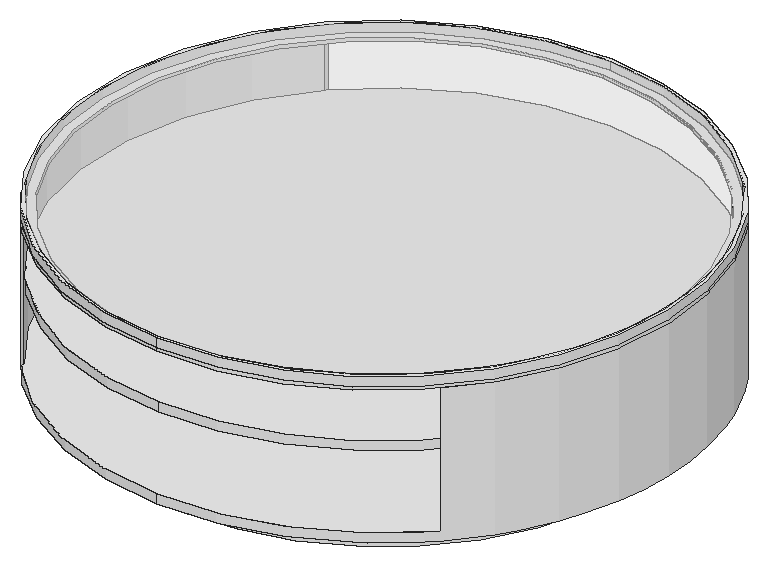
Revit family
Parameters (values of type "48"")
  Width = 4' - 0"
  URL = "http://elanbydecca.com/"
  Top [instance] = Furniture - DECCA (Elan) - Museum - Top
  RW-3 = Width / 2 - 0' 3"  # 1' - 9"
  RW-1/4 = Width / 2 - 0' 0 1/4"  # 1' - 11 3/4"
  RW-1 = Width / 2 - 0' 1"  # 1' - 11"
  RW = Width / 2  # 2' - 0"
  Frame [instance] = Furniture - DECCA (Elan) - Museum - Frame
  Drawer/Shelf [instance] = Furniture - DECCA (Elan) - Museum - Drawer/Shelf
  Drawer = no
  Base [instance] = Furniture - DECCA (Elan) - Museum - Base
  Product URL = "http://elanbydecca.com/PDFs/elan_tearsheet-museum.pdf"
  Model = "DG CT177"
  Manufacturer = "Decca Contract"
  Height = 1' - 2 1/2"  # constant formula
  Description = "Museum, Table"
  Depth = Width  # 4' - 0"
  Assembly Description = "Furniture & Accessories"
  Assembly Code = "E2020200"
Types (7): name | Width | RW-3 | RW-1/4 | RW-1 | RW | Drawer | Model | Depth
  (no name) | 4' - 0" | 1' - 9" | 1' - 11 3/4" | 1' - 11" | 2' - 0" | no | "DG CT177" | 4' - 0"
  36" w/Drawers | 3' - 0" | 1' - 3" | 1' - 5 3/4" | 1' - 5" | 1' - 6" | yes | "DG CT170" | 3' - 0"
  42" w/Drawers | 3' - 6" | 1' - 6" | 1' - 8 3/4" | 1' - 8" | 1' - 9" | yes | "DG CT171" | 3' - 6"
  48" w/Drawers | 4' - 0" | 1' - 9" | 1' - 11 3/4" | 1' - 11" | 2' - 0" | yes | "DG CT172" | 4' - 0"
  36" | 3' - 0" | 1' - 3" | 1' - 5 3/4" | 1' - 5" | 1' - 6" | no | "DG CT175" | 3' - 0"
  42" | 3' - 6" | 1' - 6" | 1' - 8 3/4" | 1' - 8" | 1' - 9" | no | "DG CT176" | 3' - 6"
  48" | 4' - 0" | 1' - 9" | 1' - 11 3/4" | 1' - 11" | 2' - 0" | no | "DG CT177" | 4' - 0"
Reference planes (in)
  plane 1 "Center Front/Back": y = -0.7524
  plane 2: z = 0
  plane 3 "Center Left/Right": x = 0
  plane 4 "L": x = -24
  plane 5 "R": x = 24
  plane 6 "F": y = -24.7524
  plane 7: y = 23.2476
  plane 8: through (-6.25338, 2.33237, 23.38953) normal (0.4297, -0.4297, 0.7941)
  plane 9: z = 14.5
  plane 10: x = -23.75
  plane 11: x = 23.75
  plane 12: y = 22.9976
  plane 13: y = -24.5024
  plane 14: y = -21.7525
  plane 15: y = 20.2477
  plane 16: x = -21
  plane 17: x = 21
  plane 18: z = 13.75
  plane 19: z = 13.5
  plane 20: z = 2
  plane 21: z = 2.75
  plane 22: z = 8.79026
  plane 23: z = 9.54026
  plane 24: y = 22.2476
  plane 25: y = -23.7524
  plane 26: y = 22.4976
  plane 27: y = -24.0024
  plane 28: x = -17.70013
  plane 29: x = 17.70013
Forms (in)
  Extrusion 1, solid, material "Furniture - DECCA (Elan) - Museum - Frame" <- "Frame"
    sketch origin (0, 0, 8.32075) x (0, -1, 0) y (1, 0, 0)
      loop
        circle (0.7524, 0) r 24
      loop
        circle (0.7524, 0) r 23.75
    from -6.32075 to 6.17925
  Extrusion 2, solid, material "Furniture - DECCA (Elan) - Museum - Frame" <- "Frame"
    sketch origin (0, 0, 8.32075) x (0, -1, 0) y (1, 0, 0)
      loop
        circle (0.7524, 0) r 24
      loop
        circle (0.7524, 0) r 23
    from 5.17925 to 5.42925
  Extrusion 3, solid, material "Furniture - DECCA (Elan) - Museum - Base" <- "Base"
    sketch origin (0, 0, 8.32075) x (0, -1, 0) y (1, 0, 0)
      loop
        circle (0.7524, 0) r 21
    from -8.32075 to -6.32075
  Extrusion 4, void
    sketch origin (0, -16.42176, 0) x (1, 0, 0) y (0, 0, -1)
      loop
        line (-17.70013, -13.5) -> (17.70013, -13.5) -> (17.70013, -2.75) -> (-17.70013, -2.75) -> (-17.70013, -13.5)
    from -8.33064 to 39.66936
  Extrusion 5, solid, material "Furniture - DECCA (Elan) - Museum - Frame" <- "Frame"
    sketch origin (0, 0, 8.32075) x (0, -1, 0) y (1, 0, 0)
      loop
        circle (0.7524, 0) r 23.75
    from -6.32075 to -5.57075
  Extrusion 6, solid, material "Furniture - DECCA (Elan) - Museum - Drawer/Shelf" <- "Drawer/Shelf"
    sketch origin (0, 0, 15.11101) x (0, -1, 0) y (1, 0, 0)
      loop
        circle (0.7524, 0) r 23.75
    from -6.32075 to -5.57075
  Extrusion 7, solid, material "Furniture - DECCA (Elan) - Museum - Top" <- "Top"
    sketch origin (0, 0, 20.07075) x (0, -1, 0) y (1, 0, 0)
      loop
        circle (0.7524, 0) r 23.75
    from -6.32075 to -5.57075
  Extrusion 8, solid, material "Furniture - DECCA (Elan) - Museum - Drawer/Shelf" <- "Drawer/Shelf", visible <- "Drawer"
    sketch origin (0, 0, 8.32075) x (0, -1, 0) y (1, 0, 0)
      loop
        arc (16.60847, 17.70013) -> (24.51602, 0) -> (16.60847, -17.70013) r 23.76362
        line (16.60847, -17.70013) -> (16.96059, -17.70013)
        arc (16.96059, -17.70013) -> (24.7524, 0) -> (16.96059, 17.70013) r 24
        line (16.96059, 17.70013) -> (16.60847, 17.70013)
      loop
        line (-15.45579, -17.70013) -> (-15.10367, -17.70013)
        arc (-15.10367, -17.70013) -> (-23.01122, 0) -> (-15.10367, 17.70013) r 23.76362
        line (-15.10367, 17.70013) -> (-15.45579, 17.70013)
        arc (-15.45579, 17.70013) -> (-23.2476, 0) -> (-15.45579, -17.70013) r 24
    from -6.32075 to 1.21951
Cuts and joins
  Extrusion 4 cuts Extrusion 1
  Extrusion 4 cuts Extrusion 2
  joined: Extrusion 1, Extrusion 2, Extrusion 5
Dimensions and locks (in)
  equal spacing: plane 4 "L", plane 3 "Center Left/Right", plane 5 "R"
  equal spacing: plane 7, plane 1 "Center Front/Back", plane 6 "F"
  "Width": plane 4 "L" to plane 5 "R"
  "Depth": plane 7 to plane 6 "F"
  "Height": plane 9 to level
  locked: plane 4 "L" to plane 10 at 0.25
  locked: plane 7 to plane 12 at 0.25
  locked: plane 11 to plane 5 "R" at 0.25
  locked: plane 13 to plane 6 "F" at 0.25
  locked: plane 4 "L" to plane 16 at 3
  locked: plane 17 to plane 5 "R" at 3
  locked: plane 15 to plane 7 at 2.9999
  locked: plane 14 to plane 6 "F" at 2.9999
  plane 23 to plane 22 to plane 21 to plane 20 to level = 0' - 0 3/4" locked, 0' - 6.04026" locked, 0' - 0 3/4" locked, 0' - 2" locked
  plane 9 to plane 18 to plane 19 = 0' - 0 3/4" locked, 0' - 0 1/4" locked
  locked: plane 6 "F" to plane 25 at 1
  locked: plane 7 to plane 24 at 1
  locked: plane 7 to plane 26 at 0.75
  locked: plane 27 to plane 6 "F" at 0.75
  locked: plane 4 "L" to plane 28 at 6.29987
  locked: plane 29 to plane 5 "R" at 6.29987
  "RW": radius of Extrusion 1 sketch curve
  "RW": radius of Extrusion 2 sketch curve
  "RW-3": radius of Extrusion 3 sketch curve
  "RW-1/4": radius of Extrusion 5 sketch curve
  "RW-1/4": radius of Extrusion 6 sketch curve
  "RW-1/4": radius of Extrusion 7 sketch curve
  "RW": radius of Extrusion 8 sketch curve  (x2)
  "RW-1/4": radius of Extrusion 1 sketch curve
  "RW-1": radius of Extrusion 2 sketch curve
  aligned and locked: Extrusion 1 to plane 20
  aligned and locked: plane 9 to Extrusion 1
  aligned and locked: plane 18 to Extrusion 2
  aligned and locked: Extrusion 2 to plane 19
  aligned and locked: Extrusion 3 to level
  aligned and locked: plane 20 to Extrusion 3
  aligned and locked: plane 28 to Extrusion 4 sketch curve
  aligned and locked: plane 19 to Extrusion 4 sketch curve
  aligned and locked: Extrusion 4 sketch curve to plane 29
  aligned and locked: Extrusion 4 to plane 6 "F"
  aligned and locked: plane 7 to Extrusion 4
  aligned and locked: plane 21 to Extrusion 4 sketch curve
  aligned and locked: Extrusion 5 to plane 20
  aligned and locked: plane 21 to Extrusion 5
  aligned and locked: plane 23 to Extrusion 6
  aligned and locked: Extrusion 6 to plane 22
  aligned and locked: plane 9 to Extrusion 7
  aligned and locked: Extrusion 7 to plane 18
  aligned and locked: Extrusion 8 sketch curve to plane 29  (x2)
  aligned and locked: Extrusion 8 sketch curve to plane 28
  aligned and locked: Extrusion 8 to plane 20
  aligned and locked: plane 23 to Extrusion 8
Automatic sketch dimensions
  Extrusion 1 sketch curve to Extrusion 1 sketch curve = 0' - 0"  (x2)
  plane 1 "Center Front/Back" to Extrusion 1 sketch curve = 0' - 0"
  Extrusion 1 sketch curve to plane 3 "Center Left/Right" = 0' - 0"
  Extrusion 2 sketch curve to Extrusion 2 sketch curve = 0' - 0"  (x2)
  plane 1 "Center Front/Back" to Extrusion 2 sketch curve = 0' - 0"
  Extrusion 2 sketch curve to plane 3 "Center Left/Right" = 0' - 0"
  plane 1 "Center Front/Back" to Extrusion 3 sketch curve = 0' - 0"
  Extrusion 3 sketch curve to plane 3 "Center Left/Right" = 0' - 0"
  plane 1 "Center Front/Back" to Extrusion 5 sketch curve = 0' - 0"
  Extrusion 5 sketch curve to plane 3 "Center Left/Right" = 0' - 0"
  plane 1 "Center Front/Back" to Extrusion 6 sketch curve = 0' - 0"
  Extrusion 6 sketch curve to plane 3 "Center Left/Right" = 0' - 0"
  plane 1 "Center Front/Back" to Extrusion 7 sketch curve = 0' - 0"
  Extrusion 7 sketch curve to plane 3 "Center Left/Right" = 0' - 0"
  Extrusion 8 sketch curve to plane 28 = 0' - 0"
  Extrusion 8 sketch curve to Extrusion 8 sketch curve = 0' - 0.35212"  (x2)
  Extrusion 8 sketch curve to Extrusion 8 sketch curve = 0' - 0"  (x6)
  plane 1 "Center Front/Back" to Extrusion 8 sketch curve = 0' - 0"
  Extrusion 8 sketch curve to plane 3 "Center Left/Right" = 0' - 0"
